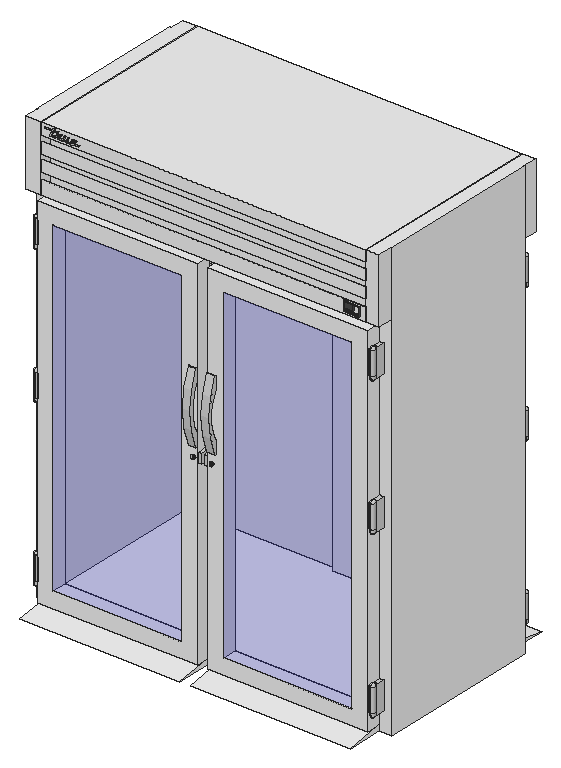
Revit family (continued)
Automatic sketch dimensions
  Extrusion 12 sketch curve to plane 5 "FRONT" = 1/2"
  Extrusion 12 sketch curve to Extrusion 12 sketch curve = 0.43503"
  Extrusion 12 sketch curve to Extrusion 12 sketch curve = 0.20453"
  Extrusion 12 sketch curve to Extrusion 12 sketch curve = 1.61044"
  Extrusion 12 sketch curve to plane 6 "TOP" = 16.82271"
  Extrusion 12 sketch curve to Extrusion 12 sketch curve = 4.39928"
  Extrusion 12 sketch curve to Extrusion 12 sketch curve = 0.71221"
  Revolve 13 sketch curve to plane 5 "FRONT" = 0.07771"  (x2)
  Revolve 13 sketch curve to Revolve 13 sketch curve = 0.38242"
  Revolve 13 sketch curve to Revolve 13 sketch curve = 0.38436"
  Revolve 13 sketch curve to plane 5 "FRONT" = 31/64"
  Revolve 13 sketch curve to Revolve 13 sketch curve = 0.40666"
  Revolve 13 sketch curve to Revolve 13 sketch curve = 0"
  Revolve 13 sketch curve to plane 6 "TOP" = 16.00492"
  Revolve 13 sketch curve to Revolve 13 sketch curve = 0.55526"
  Revolve 13 sketch curve to Revolve 13 sketch curve = 0.19474"
  Revolve 13 sketch curve to Revolve 13 sketch curve = 0.14649"
  Revolve 13 sketch curve to Revolve 13 sketch curve = 4.42889"
  Revolve 13 sketch curve to Revolve 13 sketch curve = 0.05342"
  Revolve 13 sketch curve to Revolve 13 sketch curve = 0.51246"
  Revolve 13 sketch curve to Revolve 13 sketch curve = 0.05889"
  Extrusion 14 sketch curve to plane 4 "RIGHT" = 1.91491"
  Extrusion 14 sketch curve to Extrusion 14 sketch curve = 0.39759"
  Extrusion 14 sketch curve to plane 6 "TOP" = 16.9003"
  Extrusion 14 sketch curve to Extrusion 14 sketch curve = 4.47281"
  Extrusion 15 sketch curve to plane 5 "FRONT" = 1/2"
  Extrusion 15 sketch curve to Extrusion 15 sketch curve = 0.43503"
  Extrusion 15 sketch curve to Extrusion 15 sketch curve = 0.20453"
  Extrusion 15 sketch curve to Extrusion 15 sketch curve = 1.61044"
  level to Extrusion 15 sketch curve = 40.55229"
  Extrusion 15 sketch curve to Extrusion 15 sketch curve = 4.39928"
  Extrusion 15 sketch curve to Extrusion 15 sketch curve = 0.71221"
  Revolve 16 sketch curve to plane 5 "FRONT" = 0.07771"  (x2)
  Revolve 16 sketch curve to Revolve 16 sketch curve = 0.38242"
  Revolve 16 sketch curve to Revolve 16 sketch curve = 0.38436"
  Revolve 16 sketch curve to plane 5 "FRONT" = 31/64"
  Revolve 16 sketch curve to Revolve 16 sketch curve = 0.40666"
  Revolve 16 sketch curve to Revolve 16 sketch curve = 0"
  level to Revolve 16 sketch curve = 41.37008"
  Revolve 16 sketch curve to Revolve 16 sketch curve = 0.55526"
  Revolve 16 sketch curve to Revolve 16 sketch curve = 0.19474"
  Revolve 16 sketch curve to Revolve 16 sketch curve = 0.14649"
  Revolve 16 sketch curve to Revolve 16 sketch curve = 4.42889"
  Revolve 16 sketch curve to Revolve 16 sketch curve = 0.05342"
  Revolve 16 sketch curve to Revolve 16 sketch curve = 0.51246"
  Revolve 16 sketch curve to Revolve 16 sketch curve = 0.05889"
  Extrusion 17 sketch curve to plane 4 "RIGHT" = 1.91491"
  Extrusion 17 sketch curve to Extrusion 17 sketch curve = 0.39759"
  level to Extrusion 17 sketch curve = 40.4747"
  Extrusion 17 sketch curve to Extrusion 17 sketch curve = 4.47281"
  Extrusion 18 sketch curve to plane 5 "FRONT" = 1/2"
  Extrusion 18 sketch curve to Extrusion 18 sketch curve = 0.43503"
  Extrusion 18 sketch curve to Extrusion 18 sketch curve = 0.20453"
  Extrusion 18 sketch curve to Extrusion 18 sketch curve = 1.61044"
  level to Extrusion 18 sketch curve = 9.05229"
  Extrusion 18 sketch curve to Extrusion 18 sketch curve = 4.39928"
  Extrusion 18 sketch curve to Extrusion 18 sketch curve = 0.71221"
  Revolve 19 sketch curve to plane 5 "FRONT" = 0.07771"  (x2)
  Revolve 19 sketch curve to Revolve 19 sketch curve = 0.38242"
  Revolve 19 sketch curve to Revolve 19 sketch curve = 0.38436"
  Revolve 19 sketch curve to plane 5 "FRONT" = 31/64"
  Revolve 19 sketch curve to Revolve 19 sketch curve = 0.40666"
  Revolve 19 sketch curve to Revolve 19 sketch curve = 0"
  level to Revolve 19 sketch curve = 9.87008"
  Revolve 19 sketch curve to Revolve 19 sketch curve = 0.55526"
  Revolve 19 sketch curve to Revolve 19 sketch curve = 0.19474"
  Revolve 19 sketch curve to Revolve 19 sketch curve = 0.14649"
  Revolve 19 sketch curve to Revolve 19 sketch curve = 4.42889"
  Revolve 19 sketch curve to Revolve 19 sketch curve = 0.05342"
  Revolve 19 sketch curve to Revolve 19 sketch curve = 0.51246"
  Revolve 19 sketch curve to Revolve 19 sketch curve = 0.05889"
  Extrusion 20 sketch curve to plane 4 "RIGHT" = 1.91491"
  Extrusion 20 sketch curve to Extrusion 20 sketch curve = 0.39759"
  level to Extrusion 20 sketch curve = 8.9747"
  Extrusion 20 sketch curve to Extrusion 20 sketch curve = 4.47281"
  Extrusion 21 sketch curve to level = 0"
  level to Extrusion 21 sketch curve = 1"
  Extrusion 21 sketch curve to plane 5 "FRONT" = 2 3/4"
  plane 5 "FRONT" to Extrusion 21 sketch curve = 4 1/8"
  level to Extrusion 22 sketch curve = 1"  (x2)
  Extrusion 22 sketch curve to plane 4 "RIGHT" = 2 5/16"
  Extrusion 22 sketch curve to Extrusion 22 sketch curve = 3"  (x2)
  Extrusion 22 sketch curve to plane 9 = 4"
  Extrusion 22 sketch curve to plane 9 = 1"
  plane 9 to Extrusion 22 sketch curve = 1"
  plane 9 to Extrusion 22 sketch curve = 4"
  plane 7 to Extrusion 22 sketch curve = 2 15/32"
  Extrusion 22 sketch curve to plane 7 = 17/32"
  level to Extrusion 22 sketch curve = 4"  (x2)
  Extrusion 22 sketch curve to plane 6 "TOP" = 16 27/32"
  Extrusion 22 sketch curve to Extrusion 22 sketch curve = 0"  (x2)
  plane 5 "FRONT" to Extrusion 23 sketch curve = 0.2"  (x2)
  plane 5 "FRONT" to Extrusion 23 sketch curve = 0"  (x2)
  Extrusion 23 sketch curve to plane 5 "FRONT" = 7.77899"
  Extrusion 23 sketch curve to Extrusion 23 sketch curve = 7.30945"
  Extrusion 23 sketch curve to plane 6 "TOP" = 31 191/256"
  Extrusion 23 sketch curve to Extrusion 23 sketch curve = 2.4"
  Extrusion 23 sketch curve to Extrusion 23 sketch curve = 4.4"
  Extrusion 23 sketch curve to Extrusion 23 sketch curve = 0"
  plane 9 to Extrusion 24 sketch curve = 1.7609"
  Extrusion 24 sketch curve to Extrusion 24 sketch curve = 0.02035"
  Extrusion 24 sketch curve to Extrusion 24 sketch curve = 0.0555"
  level to Extrusion 24 sketch curve = 36.83635"
  Extrusion 24 sketch curve to Extrusion 24 sketch curve = 0.27385"
  Extrusion 24 sketch curve to Extrusion 24 sketch curve = 0.29355"
  plane 9 to Blend 25 sketch curve = 1"  (x2)
  plane 9 to Blend 25 sketch curve = 1/4"
  level to Blend 25 sketch curve = 35.74169"
  Blend 25 sketch curve to Blend 25 sketch curve = 1 3/4"
  plane 9 to Blend 25 sketch curve = 0.06777"
  level to Blend 25 sketch curve = 35.1441"
  Blend 25 sketch curve to Blend 25 sketch curve = 2.78233"
  Extrusion 26 sketch curve to plane 5 "FRONT" = 1/2"
  Extrusion 26 sketch curve to Extrusion 26 sketch curve = 0.43503"
  Extrusion 26 sketch curve to Extrusion 26 sketch curve = 0.20453"
  Extrusion 26 sketch curve to Extrusion 26 sketch curve = 1.61044"
  Extrusion 26 sketch curve to plane 6 "TOP" = 22.13873"
  Extrusion 26 sketch curve to Extrusion 26 sketch curve = 0.71221"
  Extrusion 26 sketch curve to Extrusion 26 sketch curve = 4.39928"
  Revolve 27 sketch curve to plane 5 "FRONT" = 0.07771"  (x2)
  Revolve 27 sketch curve to Revolve 27 sketch curve = 0.38242"
  Revolve 27 sketch curve to Revolve 27 sketch curve = 0.38436"
  Revolve 27 sketch curve to plane 5 "FRONT" = 31/64"
  Revolve 27 sketch curve to Revolve 27 sketch curve = 0.40666"
  Revolve 27 sketch curve to Revolve 27 sketch curve = 0"
  Revolve 27 sketch curve to plane 6 "TOP" = 22.32719"
  Revolve 27 sketch curve to Revolve 27 sketch curve = 0.32931"
  Revolve 27 sketch curve to Revolve 27 sketch curve = 0.51246"
  Revolve 27 sketch curve to Revolve 27 sketch curve = 0.05342"
  Revolve 27 sketch curve to Revolve 27 sketch curve = 4.42889"
  Revolve 27 sketch curve to Revolve 27 sketch curve = 0.04281"
  Revolve 27 sketch curve to Revolve 27 sketch curve = 0.18929"
  Revolve 27 sketch curve to Revolve 27 sketch curve = 0.55526"
  Extrusion 28 sketch curve to plane 7 = 0.92884"
  Extrusion 28 sketch curve to Extrusion 28 sketch curve = 0.39759"
  Extrusion 28 sketch curve to plane 6 "TOP" = 21.37311"
  Extrusion 28 sketch curve to Extrusion 28 sketch curve = 4.47281"
  Extrusion 29 sketch curve to plane 5 "FRONT" = 1/2"
  Extrusion 29 sketch curve to Extrusion 29 sketch curve = 0.43503"
  Extrusion 29 sketch curve to Extrusion 29 sketch curve = 0.20453"
  Extrusion 29 sketch curve to Extrusion 29 sketch curve = 1.61044"
  level to Extrusion 29 sketch curve = 35.23627"
  Extrusion 29 sketch curve to Extrusion 29 sketch curve = 0.71221"
  Extrusion 29 sketch curve to Extrusion 29 sketch curve = 4.39928"
  Revolve 30 sketch curve to plane 5 "FRONT" = 0.07771"  (x2)
  Revolve 30 sketch curve to Revolve 30 sketch curve = 0.38242"
  Revolve 30 sketch curve to Revolve 30 sketch curve = 0.38436"
  Revolve 30 sketch curve to plane 5 "FRONT" = 31/64"
  Revolve 30 sketch curve to Revolve 30 sketch curve = 0.40666"
  Revolve 30 sketch curve to Revolve 30 sketch curve = 0"
  level to Revolve 30 sketch curve = 35.04781"
  Revolve 30 sketch curve to Revolve 30 sketch curve = 0.32931"
  Revolve 30 sketch curve to Revolve 30 sketch curve = 0.51246"
  Revolve 30 sketch curve to Revolve 30 sketch curve = 0.05342"
  Revolve 30 sketch curve to Revolve 30 sketch curve = 4.42889"
  Revolve 30 sketch curve to Revolve 30 sketch curve = 0.04281"
  Revolve 30 sketch curve to Revolve 30 sketch curve = 0.18929"
  Revolve 30 sketch curve to Revolve 30 sketch curve = 0.55526"
  Extrusion 31 sketch curve to plane 7 = 0.92884"
  Extrusion 31 sketch curve to Extrusion 31 sketch curve = 0.39759"
  level to Extrusion 31 sketch curve = 36.00189"
  Extrusion 31 sketch curve to Extrusion 31 sketch curve = 4.47281"
  Extrusion 32 sketch curve to plane 5 "FRONT" = 1/2"
  Extrusion 32 sketch curve to Extrusion 32 sketch curve = 0.43503"
  Extrusion 32 sketch curve to Extrusion 32 sketch curve = 0.20453"
  Extrusion 32 sketch curve to Extrusion 32 sketch curve = 1.61044"
  level to Extrusion 32 sketch curve = 3.73627"
  Extrusion 32 sketch curve to Extrusion 32 sketch curve = 0.71221"
  Extrusion 32 sketch curve to Extrusion 32 sketch curve = 4.39928"
  Revolve 33 sketch curve to plane 5 "FRONT" = 0.07771"  (x2)
  Revolve 33 sketch curve to Revolve 33 sketch curve = 0.38242"
  Revolve 33 sketch curve to Revolve 33 sketch curve = 0.38436"
  Revolve 33 sketch curve to plane 5 "FRONT" = 31/64"
  Revolve 33 sketch curve to Revolve 33 sketch curve = 0.40666"
  Revolve 33 sketch curve to Revolve 33 sketch curve = 0"
  level to Revolve 33 sketch curve = 3.54781"
  Revolve 33 sketch curve to Revolve 33 sketch curve = 0.32931"
  Revolve 33 sketch curve to Revolve 33 sketch curve = 0.51246"
  Revolve 33 sketch curve to Revolve 33 sketch curve = 0.05342"
  Revolve 33 sketch curve to Revolve 33 sketch curve = 4.42889"
  Revolve 33 sketch curve to Revolve 33 sketch curve = 0.04281"
  Revolve 33 sketch curve to Revolve 33 sketch curve = 0.18929"
  Revolve 33 sketch curve to Revolve 33 sketch curve = 0.55526"
  Extrusion 34 sketch curve to plane 7 = 0.92884"
  Extrusion 34 sketch curve to Extrusion 34 sketch curve = 0.39759"
  level to Extrusion 34 sketch curve = 4.50189"
  Extrusion 34 sketch curve to Extrusion 34 sketch curve = 4.47281"
  Extrusion 35 sketch curve to Extrusion 22 = 0"  (x2)
  Extrusion 22 to Extrusion 35 sketch curve = 1"
  Extrusion 35 sketch curve to Extrusion 22 = 4 1/8"
  Extrusion 36 sketch curve to Extrusion 22 = 0"  (x3)
  Extrusion 22 to Extrusion 36 sketch curve = 0"
  Extrusion 22 to Extrusion 36 sketch curve = 30 11/16"
  Extrusion 22 to Extrusion 36 sketch curve = 2"
  Extrusion 37 sketch curve to plane 9 = 1"
  Extrusion 37 sketch curve to plane 6 "TOP" = 13 27/32"
  level to Extrusion 37 sketch curve = 1"
  Extrusion 38 sketch curve to plane 1 "BACK" = 0"  (x2)
  Extrusion 38 sketch curve to plane 4 "RIGHT" = 16.93125"
  Extrusion 38 sketch curve to Extrusion 38 sketch curve = 2.4"  (x2)
  Extrusion 38 sketch curve to plane 9 = 10.26875"
  Extrusion 38 sketch curve to Extrusion 38 sketch curve = 0"
  Extrusion 38 sketch curve to plane 1 "BACK" = 0.2"
  plane 1 "BACK" to Extrusion 38 sketch curve = 7.77899"
  Extrusion 38 sketch curve to Extrusion 38 sketch curve = 7.30945"
  Extrusion 39 sketch curve to plane 9 = 1.7609"
  Extrusion 39 sketch curve to Extrusion 39 sketch curve = 0.02035"
  Extrusion 39 sketch curve to Extrusion 39 sketch curve = 0.0555"
  level to Extrusion 39 sketch curve = 36.83635"
  Extrusion 39 sketch curve to Extrusion 39 sketch curve = 0.27385"
  Extrusion 39 sketch curve to Extrusion 39 sketch curve = 0.29355"
  Blend 40 sketch curve to plane 9 = 1"  (x2)
  Blend 40 sketch curve to plane 9 = 1/4"
  level to Blend 40 sketch curve = 35.74169"
  Blend 40 sketch curve to Blend 40 sketch curve = 1 3/4"
  Blend 40 sketch curve to plane 9 = 0.06777"
  level to Blend 40 sketch curve = 35.1441"
  Blend 40 sketch curve to Blend 40 sketch curve = 2.78233"
  plane 1 "BACK" to Extrusion 41 sketch curve = 1/2"
  Extrusion 41 sketch curve to Extrusion 41 sketch curve = 0.43503"
  Extrusion 41 sketch curve to Extrusion 41 sketch curve = 0.20453"
  Extrusion 41 sketch curve to Extrusion 41 sketch curve = 1.61044"
  Extrusion 41 sketch curve to plane 6 "TOP" = 22.13873"
  Extrusion 41 sketch curve to Extrusion 41 sketch curve = 0.71221"
  Extrusion 41 sketch curve to Extrusion 41 sketch curve = 4.39928"
  plane 1 "BACK" to Revolve 42 sketch curve = 0.07771"  (x2)
  Revolve 42 sketch curve to Revolve 42 sketch curve = 0.38242"
  Revolve 42 sketch curve to Revolve 42 sketch curve = 0.38436"
  plane 1 "BACK" to Revolve 42 sketch curve = 31/64"
  Revolve 42 sketch curve to Revolve 42 sketch curve = 0.40666"
  Revolve 42 sketch curve to Revolve 42 sketch curve = 0"
  Revolve 42 sketch curve to plane 6 "TOP" = 22.32719"
  Revolve 42 sketch curve to Revolve 42 sketch curve = 0.32931"
  Revolve 42 sketch curve to Revolve 42 sketch curve = 0.51246"
  Revolve 42 sketch curve to Revolve 42 sketch curve = 0.05342"
  Revolve 42 sketch curve to Revolve 42 sketch curve = 4.42889"
  Revolve 42 sketch curve to Revolve 42 sketch curve = 0.04281"
  Revolve 42 sketch curve to Revolve 42 sketch curve = 0.18929"
  Revolve 42 sketch curve to Revolve 42 sketch curve = 0.55526"
  Extrusion 43 sketch curve to plane 4 "RIGHT" = 1.91491"
  Extrusion 43 sketch curve to Extrusion 43 sketch curve = 0.39759"
  Extrusion 43 sketch curve to plane 6 "TOP" = 21.37311"
  Extrusion 43 sketch curve to Extrusion 43 sketch curve = 4.47281"
  plane 1 "BACK" to Extrusion 44 sketch curve = 1/2"
  Extrusion 44 sketch curve to Extrusion 44 sketch curve = 0.43503"
  Extrusion 44 sketch curve to Extrusion 44 sketch curve = 0.20453"
  Extrusion 44 sketch curve to Extrusion 44 sketch curve = 1.61044"
  level to Extrusion 44 sketch curve = 35.23627"
  Extrusion 44 sketch curve to Extrusion 44 sketch curve = 0.71221"
  Extrusion 44 sketch curve to Extrusion 44 sketch curve = 4.39928"
  plane 1 "BACK" to Revolve 45 sketch curve = 0.07771"  (x2)
  Revolve 45 sketch curve to Revolve 45 sketch curve = 0.38242"
  Revolve 45 sketch curve to Revolve 45 sketch curve = 0.38436"
  plane 1 "BACK" to Revolve 45 sketch curve = 31/64"
  Revolve 45 sketch curve to Revolve 45 sketch curve = 0.40666"
  Revolve 45 sketch curve to Revolve 45 sketch curve = 0"
  level to Revolve 45 sketch curve = 35.04781"
  Revolve 45 sketch curve to Revolve 45 sketch curve = 0.32931"
  Revolve 45 sketch curve to Revolve 45 sketch curve = 0.51246"
  Revolve 45 sketch curve to Revolve 45 sketch curve = 0.05342"
  Revolve 45 sketch curve to Revolve 45 sketch curve = 4.42889"
  Revolve 45 sketch curve to Revolve 45 sketch curve = 0.04281"
  Revolve 45 sketch curve to Revolve 45 sketch curve = 0.18929"
  Revolve 45 sketch curve to Revolve 45 sketch curve = 0.55526"
  Extrusion 46 sketch curve to plane 4 "RIGHT" = 1.91491"
  Extrusion 46 sketch curve to Extrusion 46 sketch curve = 0.39759"
  level to Extrusion 46 sketch curve = 36.00189"
  Extrusion 46 sketch curve to Extrusion 46 sketch curve = 4.47281"
  plane 1 "BACK" to Extrusion 47 sketch curve = 1/2"
  Extrusion 47 sketch curve to Extrusion 47 sketch curve = 0.43503"
  Extrusion 47 sketch curve to Extrusion 47 sketch curve = 0.20453"
  Extrusion 47 sketch curve to Extrusion 47 sketch curve = 1.61044"
  level to Extrusion 47 sketch curve = 3.73627"
  Extrusion 47 sketch curve to Extrusion 47 sketch curve = 0.71221"
  Extrusion 47 sketch curve to Extrusion 47 sketch curve = 4.39928"
  plane 1 "BACK" to Revolve 48 sketch curve = 0.07771"  (x2)
  Revolve 48 sketch curve to Revolve 48 sketch curve = 0.38242"
  Revolve 48 sketch curve to Revolve 48 sketch curve = 0.38436"
  plane 1 "BACK" to Revolve 48 sketch curve = 31/64"
  Revolve 48 sketch curve to Revolve 48 sketch curve = 0.40666"
  Revolve 48 sketch curve to Revolve 48 sketch curve = 0"
  level to Revolve 48 sketch curve = 3.54781"
  Revolve 48 sketch curve to Revolve 48 sketch curve = 0.32931"
  Revolve 48 sketch curve to Revolve 48 sketch curve = 0.51246"
  Revolve 48 sketch curve to Revolve 48 sketch curve = 0.05342"
  Revolve 48 sketch curve to Revolve 48 sketch curve = 4.42889"
  Revolve 48 sketch curve to Revolve 48 sketch curve = 0.04281"
  Revolve 48 sketch curve to Revolve 48 sketch curve = 0.18929"
  Revolve 48 sketch curve to Revolve 48 sketch curve = 0.55526"
  Extrusion 49 sketch curve to plane 4 "RIGHT" = 1.91491"
  Extrusion 49 sketch curve to Extrusion 49 sketch curve = 0.39759"
  level to Extrusion 49 sketch curve = 4.50189"
  Extrusion 49 sketch curve to Extrusion 49 sketch curve = 4.47281"
  Extrusion 50 sketch curve to Extrusion 37 = 0"  (x2)
  Extrusion 37 to Extrusion 50 sketch curve = 1"
  Extrusion 50 sketch curve to Extrusion 37 = 4 1/8"
  plane 9 to Extrusion 51 sketch curve = 1"
  level to Extrusion 51 sketch curve = 1"
  Extrusion 51 sketch curve to plane 6 "TOP" = 13 27/32"
  Extrusion 52 sketch curve to plane 1 "BACK" = 0"  (x2)
  plane 9 to Extrusion 52 sketch curve = 3 15/32"
  Extrusion 52 sketch curve to Extrusion 52 sketch curve = 2.4"  (x2)
  Extrusion 52 sketch curve to Extrusion 52 sketch curve = 4.4"
  Extrusion 52 sketch curve to Extrusion 52 sketch curve = 0"
  Extrusion 52 sketch curve to Extrusion 52 sketch curve = 0.2"
  plane 1 "BACK" to Extrusion 52 sketch curve = 7.77899"
  Extrusion 52 sketch curve to Extrusion 52 sketch curve = 7.30945"
  plane 9 to Extrusion 53 sketch curve = 1.7609"
  Extrusion 53 sketch curve to Extrusion 53 sketch curve = 0.02035"
  Extrusion 53 sketch curve to Extrusion 53 sketch curve = 0.0555"
  level to Extrusion 53 sketch curve = 36.26895"
  Extrusion 53 sketch curve to Extrusion 53 sketch curve = 0.29355"
  Extrusion 53 sketch curve to Extrusion 53 sketch curve = 0.27385"
  plane 9 to Blend 54 sketch curve = 1"  (x2)
  plane 9 to Blend 54 sketch curve = 1/4"
  level to Blend 54 sketch curve = 37.49169"
  Blend 54 sketch curve to Blend 54 sketch curve = 1 3/4"
  plane 9 to Blend 54 sketch curve = 0.06777"
  level to Blend 54 sketch curve = 37.92643"
  Blend 54 sketch curve to Blend 54 sketch curve = 2.78233"
  plane 1 "BACK" to Extrusion 55 sketch curve = 1/2"
  Extrusion 55 sketch curve to Extrusion 55 sketch curve = 0.43503"
  Extrusion 55 sketch curve to Extrusion 55 sketch curve = 0.20453"
  Extrusion 55 sketch curve to Extrusion 55 sketch curve = 1.61044"
  Extrusion 55 sketch curve to plane 6 "TOP" = 16.82271"
  Extrusion 55 sketch curve to Extrusion 55 sketch curve = 4.39928"
  Extrusion 55 sketch curve to Extrusion 55 sketch curve = 0.71221"
  plane 1 "BACK" to Revolve 56 sketch curve = 0.07771"  (x2)
  Revolve 56 sketch curve to Revolve 56 sketch curve = 0.38242"
  Revolve 56 sketch curve to Revolve 56 sketch curve = 0.38436"
  plane 1 "BACK" to Revolve 56 sketch curve = 31/64"
  Revolve 56 sketch curve to Revolve 56 sketch curve = 0.40666"
  Revolve 56 sketch curve to Revolve 56 sketch curve = 0"
  Revolve 56 sketch curve to plane 6 "TOP" = 16.00492"
  Revolve 56 sketch curve to Revolve 56 sketch curve = 0.55526"
  Revolve 56 sketch curve to Revolve 56 sketch curve = 0.19474"
  Revolve 56 sketch curve to Revolve 56 sketch curve = 0.14649"
  Revolve 56 sketch curve to Revolve 56 sketch curve = 4.42889"
  Revolve 56 sketch curve to Revolve 56 sketch curve = 0.05342"
  Revolve 56 sketch curve to Revolve 56 sketch curve = 0.51246"
  Revolve 56 sketch curve to Revolve 56 sketch curve = 0.05889"
  Extrusion 57 sketch curve to plane 7 = 0.92884"
  Extrusion 57 sketch curve to Extrusion 57 sketch curve = 0.39759"
  Extrusion 57 sketch curve to plane 6 "TOP" = 16.9003"
  Extrusion 57 sketch curve to Extrusion 57 sketch curve = 4.47281"
  plane 1 "BACK" to Extrusion 58 sketch curve = 1/2"
  Extrusion 58 sketch curve to Extrusion 58 sketch curve = 0.43503"
  Extrusion 58 sketch curve to Extrusion 58 sketch curve = 0.20453"
  Extrusion 58 sketch curve to Extrusion 58 sketch curve = 1.61044"
  level to Extrusion 58 sketch curve = 40.55229"
  Extrusion 58 sketch curve to Extrusion 58 sketch curve = 4.39928"
  Extrusion 58 sketch curve to Extrusion 58 sketch curve = 0.71221"
  plane 1 "BACK" to Revolve 59 sketch curve = 0.07771"  (x2)
  Revolve 59 sketch curve to Revolve 59 sketch curve = 0.38242"
  Revolve 59 sketch curve to Revolve 59 sketch curve = 0.38436"
  plane 1 "BACK" to Revolve 59 sketch curve = 31/64"
  Revolve 59 sketch curve to Revolve 59 sketch curve = 0.40666"
  Revolve 59 sketch curve to Revolve 59 sketch curve = 0"
  level to Revolve 59 sketch curve = 41.37008"
  Revolve 59 sketch curve to Revolve 59 sketch curve = 0.55526"
  Revolve 59 sketch curve to Revolve 59 sketch curve = 0.19474"
  Revolve 59 sketch curve to Revolve 59 sketch curve = 0.14649"
  Revolve 59 sketch curve to Revolve 59 sketch curve = 4.42889"
  Revolve 59 sketch curve to Revolve 59 sketch curve = 0.05342"
  Revolve 59 sketch curve to Revolve 59 sketch curve = 0.51246"
  Revolve 59 sketch curve to Revolve 59 sketch curve = 0.05889"
  Extrusion 60 sketch curve to plane 7 = 0.92884"
  Extrusion 60 sketch curve to Extrusion 60 sketch curve = 0.39759"
  level to Extrusion 60 sketch curve = 40.4747"
  Extrusion 60 sketch curve to Extrusion 60 sketch curve = 4.47281"
  plane 1 "BACK" to Extrusion 61 sketch curve = 1/2"
  Extrusion 61 sketch curve to Extrusion 61 sketch curve = 0.43503"
  Extrusion 61 sketch curve to Extrusion 61 sketch curve = 0.20453"
  Extrusion 61 sketch curve to Extrusion 61 sketch curve = 1.61044"
  level to Extrusion 61 sketch curve = 9.05229"
  Extrusion 61 sketch curve to Extrusion 61 sketch curve = 4.39928"
  Extrusion 61 sketch curve to Extrusion 61 sketch curve = 0.71221"
  plane 1 "BACK" to Revolve 62 sketch curve = 0.07771"  (x2)
  Revolve 62 sketch curve to Revolve 62 sketch curve = 0.38242"
  Revolve 62 sketch curve to Revolve 62 sketch curve = 0.38436"
  plane 1 "BACK" to Revolve 62 sketch curve = 31/64"
  Revolve 62 sketch curve to Revolve 62 sketch curve = 0.40666"
  Revolve 62 sketch curve to Revolve 62 sketch curve = 0"
  level to Revolve 62 sketch curve = 9.87008"
  Revolve 62 sketch curve to Revolve 62 sketch curve = 0.55526"
  Revolve 62 sketch curve to Revolve 62 sketch curve = 0.19474"
  Revolve 62 sketch curve to Revolve 62 sketch curve = 0.14649"
  Revolve 62 sketch curve to Revolve 62 sketch curve = 4.42889"
  Revolve 62 sketch curve to Revolve 62 sketch curve = 0.05342"
  Revolve 62 sketch curve to Revolve 62 sketch curve = 0.51246"
  Revolve 62 sketch curve to Revolve 62 sketch curve = 0.05889"
  Extrusion 63 sketch curve to plane 7 = 0.92884"
  Extrusion 63 sketch curve to Extrusion 63 sketch curve = 0.39759"
  level to Extrusion 63 sketch curve = 8.9747"
  Extrusion 63 sketch curve to Extrusion 63 sketch curve = 4.47281"
  Extrusion 64 sketch curve to Extrusion 51 = 0"
  Extrusion 51 to Extrusion 64 sketch curve = 0"
  Extrusion 51 to Extrusion 64 sketch curve = 1"
  Extrusion 64 sketch curve to Extrusion 51 = 4 1/8"
  Extrusion 65 sketch curve to Extrusion 51 = 0"  (x3)
  Extrusion 51 to Extrusion 65 sketch curve = 0"
  Extrusion 51 to Extrusion 65 sketch curve = 30 11/16"
  Extrusion 51 to Extrusion 65 sketch curve = 2"
  Extrusion 66 sketch curve to plane 4 "RIGHT" = 5 5/16"
  Extrusion 66 sketch curve to plane 9 = 4"
  plane 9 to Extrusion 66 sketch curve = 4"
  plane 7 to Extrusion 66 sketch curve = 2 15/32"
  Extrusion 66 sketch curve to Extrusion 66 sketch curve = 0"
  level to Extrusion 66 sketch curve = 4"  (x2)
  plane 5 "FRONT" to Extrusion 67 sketch curve = 0.2"  (x2)
  plane 5 "FRONT" to Extrusion 67 sketch curve = 0"  (x2)
  Extrusion 67 sketch curve to plane 5 "FRONT" = 7.77899"
  Extrusion 67 sketch curve to Extrusion 67 sketch curve = 7.30945"
  level to Extrusion 67 sketch curve = 38.40393"
  Extrusion 67 sketch curve to Extrusion 67 sketch curve = 2.4"
  Extrusion 67 sketch curve to Extrusion 67 sketch curve = 4.4"
  Extrusion 67 sketch curve to Extrusion 67 sketch curve = 0"
  Extrusion 3 sketch curve to plane 5 "FRONT" = 2 3/4"
  Extrusion 3 sketch curve to Extrusion 3 sketch curve = 2 3/8"
  level to Extrusion 3 sketch curve = 2"
  plane 10 to Extrusion 3 sketch curve = 2.7042"
  Extrusion 3 to Extrusion 68 sketch curve = 0"  (x2)
  Extrusion 68 sketch curve to Extrusion 3 = 1"
  Extrusion 68 sketch curve to Extrusion 68 sketch curve = 1"
  Extrusion 3 to Extrusion 68 sketch curve = 29.3"  (x2)
  Extrusion 68 sketch curve to Extrusion 68 sketch curve = 4"  (x2)
  plane 1 "BACK" to curve 1 = 0"
  curve 1 to plane 3 "LEFT" = 0"
  plane 5 "FRONT" to curve 6 = 0"
  curve 4 to plane 4 "RIGHT" = 0"
  curve 18 to plane 7 = 17/32"
  curve 6 to plane 7 = 17/32"
  curve 11 to plane 1 "BACK" = 0.2"
  plane 7 to curve 11 = 14.0875"
  curve 12 to curve 10 = 2.4"
  plane 9 to curve 11 = 10.26875"
  curve 10 to curve 11 = 0"
  curve 13 to plane 1 "BACK" = 0.2"
  plane 9 to curve 23 = 2.54575"
  plane 9 to curve 25 = 1.04575"
  curve 24 to curve 7 = 0.04575"
  plane 9 to curve 19 = 1"
  curve 8 to plane 9 = 1"
  curve 20 to plane 9 = 1"
  curve 27 to plane 9 = 1.04575"
  curve 27 to curve 28 = 1 1/2"
  curve 20 to curve 16 = 2 15/32"
  curve 16 to curve 14 = 2.4"
  curve 15 to plane 9 = 10.26875"
  curve 14 to curve 15 = 0"
  curve 15 to plane 1 "BACK" = 0.2"
  curve 14 to curve 15 = 2.4"
  curve 21 to plane 4 "RIGHT" = 2 5/16"
  curve 9 to plane 4 "RIGHT" = 2 5/16"
  curve 25 to curve 23 = 1.64405"
  curve 27 to curve 27 = 1.64405"
  curve 5 to plane 5 "FRONT" = 2 1/4"
  plane 1 "BACK" to curve 11 = 15.08844"
  plane 1 "BACK" to curve 15 = 15.08844"
  curve 11 to curve 10 = 7.30945"
  curve 15 to curve 14 = 7.30945"
  plane 1 "BACK" to curve 22 = 2 1/4"
  Extrusion 66 sketch curve to plane 11 = 3"
  radius of Extrusion 6 sketch curve = 0.35"
  radius of Extrusion 10 sketch curve = 1/4"
  radius of Extrusion 24 sketch curve = 0.35"
  radius of Extrusion 39 sketch curve = 0.35"
  radius of Extrusion 53 sketch curve = 0.35"
Connectors (in)
  electrical at (64.75, -0.0625, 81.625), driven by "Volts", driven by "Watts"
    settings: on Extrusion 10, index 1, voltage 115 V, apparent load 1092.5 VA, apparent load phase1 0 VA, apparent load phase2 0 VA, apparent load phase3 0 VA, power factor 1, load classification "Other", number of poles 1, system type 30, power factor state 1, is connector primary yes, connector utility no, sub classification motor no, connector description "Electrical Connection"
